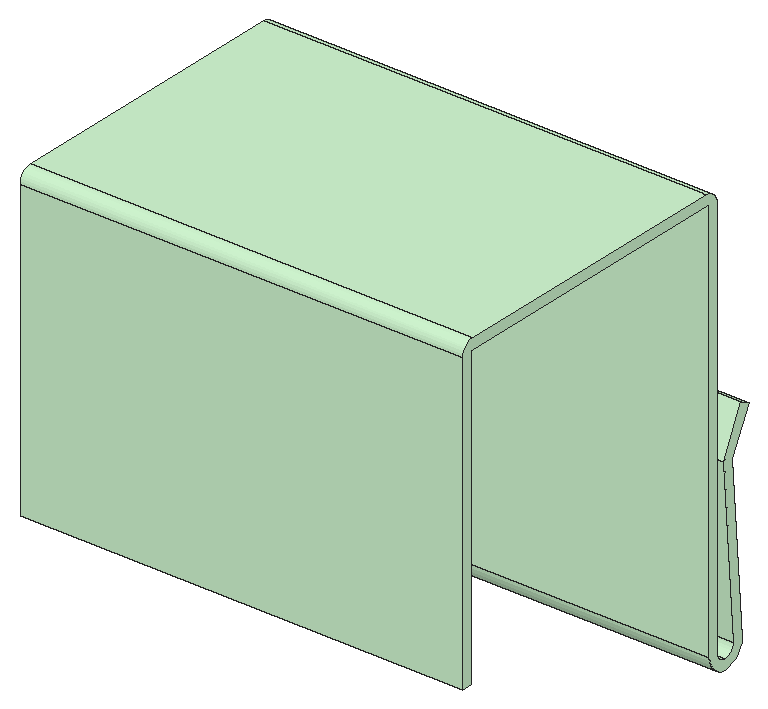
Revit family "SQ-スペーサーW25", category 機械設備, Revit 2020
Family settings
  丸型コネクタ寸法 = 直径を使用
  種別 = なし
  パーツ タイプ = 標準
  作業面ベース = いいえ
  常に垂直 = はい
  ロード時にボイドで切り取り = いいえ
  共有 = いいえ
  部屋計算ポイント = いいえ
Parameters
  製造元 = "株式会社桐井製作所"
  既定の高さ = 0 mm
  URL = "https://www.kirii.co.jp/"
  K_材質 = "溶融亜鉛めっき鋼板"
  K_品名 = "SQ-スペーサーW25"
  K_名称 = "SQ-BAR関連部材"
  K_入数 = "400"
  K_バージョン情報 = "20210524"
Reference planes
  plane 1 "中心(正面/背面)": y = 0
  plane 2: z = 0
  plane 3 "中心(左/右)": x = 0
Forms (mm)
  Extrusion 1, solid
    sketch origin (-17.5, 0, 0) x (0, 1, 0) y (0, 0, 1)
      loop
        line (-1.685, 34.5) -> (-24.785, 34.5)
        arc (-24.785, 34.5) -> (-25.494, 34.206) -> (-25.785, 33.496) r 1
        line (-25.785, 33.496) -> (-25.785, 10) -> (-24.985, 10) -> (-24.985, 33.7) -> (-1.485, 33.7) -> (-1.485, 1.6)
        arc (-1.485, 1.6) -> (-0.957, 0.494) -> (0.165, 0) r 1.763
        arc (0.165, 0) -> (1.286, 0.494) -> (1.815, 1.6) r 1.763
        line (1.815, 1.6) -> (0.815, 14.7) -> (2.436, 17.942) -> (1.72, 18.3) -> (0, 14.86) -> (1.013, 1.588)
        arc (1.013, 1.588) -> (0.733, 1.039) -> (0.165, 0.8) r 0.897
        arc (0.165, 0.8) -> (-0.408, 1.043) -> (-0.685, 1.6) r 0.897
        line (-0.685, 1.6) -> (-0.685, 33.5)
        arc (-0.685, 33.5) -> (-0.978, 34.207) -> (-1.685, 34.5) r 1
    from 0 to 35
Dimensions and locks
  aligned and locked: level to plane 2
